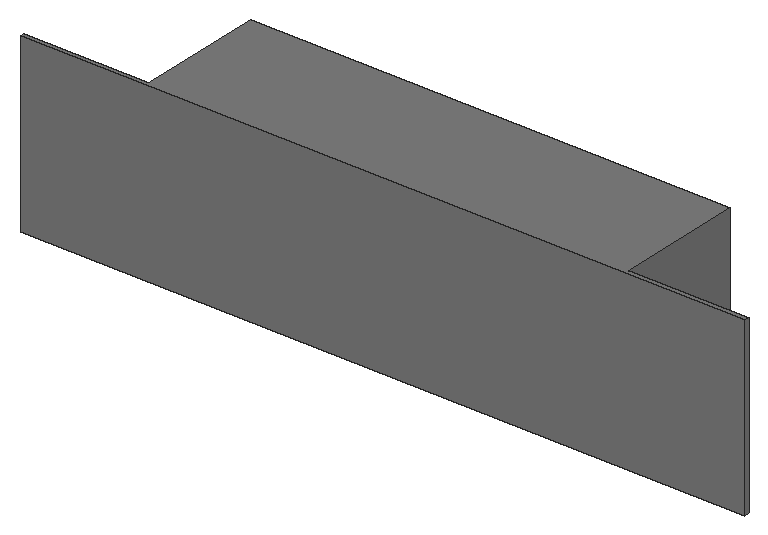
Revit family "400D", category Generic Models, Revit 2021
Family settings
  Can host rebar = No
  Round Connector Dimension = Use Diameter
  Part Type = Normal
  Work Plane-Based = No
  Always vertical = Yes
  Cut with Voids When Loaded = No
  Shared = No
  Room Calculation Point = No
Parameters (values of type "Standard")
  e-mail = "info@vola.com"
  URL = "http://vola.com"
  Telephone = "+45 7023 5500"
  Quality management standard = "ISO 9001"
  Organisation no. / DUNS no. = "17531328"
  Occupational health and safety management standard = "ISO 18001"
  Mounting Instructions = "http://vola.com/service/producturl.ashx?name=400D"
  Model = "400D"
  Materials and components information = "http://vola.com/service/producturl.ashx?name=400D"
  Manufacturer = "VOLA A/S"
  Maintenance Instructions = "http://vola.com/service/producturl.ashx?name=400D"
  Guarantee = "2 years"
  Environmental management standard = "ISO 14000"
  Default Elevation = 0.00 mm
  Connection - All relevant connections = ""
  Approvals = "http://vola.com/service/producturl.ashx?name=400D"
Reference planes
  plane 1 "Center (Front/Back)": y = 0
  plane 2: z = 0
  plane 3 "Center (Left/Right)": x = 0
  plane 4: z = 47.5
  plane 5: y = -73.5
  plane 6: y = -37.7
Forms (mm)
  Extrusion 1, solid, material "Default"
    sketch origin (0, -1, -21.5) x (1, 0, 0) y (0, 1, 0)
      loop
        line (-127.5, 1) -> (-127.5, -68) -> (132.5, -68) -> (132.5, 1) -> (-127.5, 1)
    from 21.5 to 116.5
  Extrusion 2, solid, material "Default"
    sketch origin (0, -1, -21.5) x (1, 0, 0) y (0, 1, 0)
      loop
        line (197.5, -70.5) -> (197.5, -68) -> (-195, -68) -> (-195, -70.5) -> (197.5, -70.5)
    from 21.5 to 116.5
Cuts and joins
  joined: Extrusion 1, Extrusion 2
Lines and regions (mm)
  reference lines
    curve 1: line (39, -26, 47.5) -> (39, -123.5, 47.5)
    curve 2: line (39, -37.7, 47.5) -> (39, -37.7, -51.5)
    curve 3: line (39, -37.7, 47.5) -> (39, -37.7, 146.5)
Dimensions and locks
  aligned and locked: plane 2 to level
  aligned and locked: Extrusion 2 to Extrusion 1
  aligned and locked: Extrusion 1 to Extrusion 2
